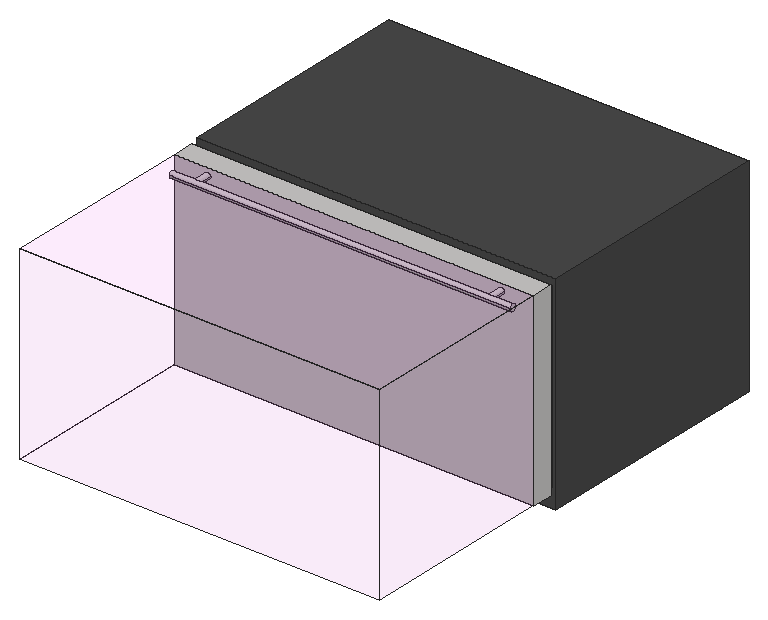
Revit family "Qf_Summit_SDR30_30_inches_Wide_Built_In_Drawer_Refrigerator", category Specialty Equipment, Revit 2020
Family settings
  Round Connector Dimension = Use Diameter
  Part Type = Normal
  Work Plane-Based = No
  Always vertical = Yes
  Cut with Voids When Loaded = No
  Shared = No
  Room Calculation Point = No
Parameters
  Weight in Pounds = 77
  Watts = if(Phase = 3, Volts * FL Amps * 1.73, Volts * FL Amps)  # 115 W
  Volts = 115 V
  URL Cutsheet = ""
  Specification by User = ""
  Specification by Manufacturer = ""
  Show Clearance [instance] = yes
  Serial Number = ""
  Seismic Rating = ""
  SMACNA No = ""
  Revision Code = ""
  Refrigerant Volume = 0.00 kip
  Refrigerant Type = "R600a"
  Phase = 1
  Number of Poles = 1
  NAFEM Spec ID Number = ""
  Model = "SDR30"
  Min Ckt Ampacity = 0 A
  Max Overcurrent Protection = 0 A
  Masterspec = ""
  Manufacturer = "Summit"
  Length = 29 1/2"
  Item Number = ""
  Installed By = ""
  Identify Quantity as Lot = yes
  Height = 17 3/4"
  HP = ""
  Furnished By = ""
  Foodservice Equipment Identifier = yes
  FL Amps = 1 A
  Electrical Remarks = ""
  Electric Connection Type = ""
  Elec Conn RI Height = 0"
  Elec Conn Connection Height = 0"
  Description = "30\" Wide Built-In Drawer Refrigerator"
  Depth = 22"
  Default Elevation = 0"
  Cycle = 60 Hz
  Conn Plug = ""
  Conn Conduit = yes
  CSI MasterFormat = ""
  Apparent Power = if(Phase = 3, Volts * FL Amps * 1.73, Volts * FL Amps)  # 115 VA
Reference planes (in)
  plane 1: z = 0
  plane 2 "LEFT": x = 0
  plane 3 "RIGHT": x = 29.5
  plane 4 "FRONT": y = -22.75
  plane 5 "TOP": z = 17.75
  plane 6 "Center Y": x = 14.75
  plane 7 "Center X": y = -11.75
  plane 8 "BACK": y = -0.75
  plane 9: y = -38.625
  plane 10: z = 2
  plane 11: x = 28.41605
  plane 12: z = 0.75
  plane 13: z = 11.5
  plane 14: y = -24.25
  plane 15: y = -21
  plane 16: y = -20.5
  plane 17: z = 17.125
  plane 18: z = 16.625
  plane 19: z = 17.5
Forms (in)
  Extrusion 1, solid, material "QF_Plastic - Black - Matte"
    sketch origin (22.25, -2.96287, 24.25) x (0, 1, 0) y (-1, 0, 0)
      loop
        line (2.21287, 22.25) -> (-17.53713, 22.25) -> (-17.53713, -7.25) -> (2.21287, -7.25) -> (2.21287, 22.25)
    from -23.5 to -6.5
  Extrusion 2, solid, material "QF_Plastic - Black - Matte"
    sketch origin (22.25, -2.96287, 24.25) x (0, 1, 0) y (-1, 0, 0)
      loop
        line (-17.53713, -6.90118) -> (-17.53713, 21.88303) -> (-18.03713, 21.88303) -> (-18.03713, -6.90118) -> (-17.53713, -6.90118)
    from -21.98495 to -7.125
  Extrusion 3, solid, material "QF_Metal_Stainless_Polished"
    sketch origin (23.88, 0, 0) x (0, 1, 0) y (0, 0, 1)
      loop
        circle (-24, 16.875) r 0.25
    from -23.13 to 4.87
  Extrusion 4, solid, material "QF_Metal_Stainless_Polished"
    sketch origin (0, -20.49491, 32) x (1, 0, 0) y (0, 0, 1)
      loop
        circle (2.6875, -15.125) r 0.23438
      loop
        circle (26.8125, -15.125) r 0.23438
    from 2.25509 to 3.50509
  Revolve 5, solid, material "QF_Plastic - Black - Matte"
    sketch origin (0, -18.49491, 32) x (1, 0, 0) y (0, 0, 1)
      loop
        line (2.0625, -31.25) -> (1.5625, -31.25) -> (1.5625, -32) -> (2.3125, -32) -> (2.3125, -31.5) -> (2.0625, -31.25)
      axis (1.5625, -32) -> (1.5625, -31.25)
    angle from 0 to 360
  Revolve 6, solid, material "QF_Plastic - Black - Matte"
    sketch origin (0, -2.49491, 32) x (1, 0, 0) y (0, 0, 1)
      loop
        line (2.0625, -31.25) -> (1.5625, -31.25) -> (1.5625, -32) -> (2.3125, -32) -> (2.3125, -31.5) -> (2.0625, -31.25)
      axis (1.5625, -32) -> (1.5625, -31.25)
    angle from 0 to 360
  Extrusion 7, solid
    sketch origin (5.00125, -0.75, 24.25) x (1, 0, 0) y (0, 0, -1)
      loop
        circle (17.28855, 22.75177) r 0.25
    from 0 to 0.21202
  Extrusion 8, solid, material "QF_Metal_Stainless_Polished"
    sketch origin (22.25, -2.96287, 23.40625) x (0, 1, 0) y (-1, 0, 0)
      loop
        line (-18.03713, 22.25) -> (-19.78713, 22.25) -> (-19.78713, -7.25) -> (-18.03713, -7.25) -> (-18.03713, 22.25)
    from -21.40625 to -5.90625
  Extrusion 9, solid, material "QF_Clearances_Door_Drawer"
    sketch origin (22.25, -2.96287, 24.25) x (0, 1, 0) y (-1, 0, 0)
      loop
        line (-19.78713, 22.25) -> (-35.66213, 22.25) -> (-35.66213, -7.25) -> (-19.78713, -7.25) -> (-19.78713, 22.25)
    from -22.25 to -6.75
  Revolve 10, solid, material "QF_Plastic - Black - Matte"
    sketch origin (29.5, -18.49491, 32) x (-1, 0, 0) y (0, 0, -1)
      loop
        line (2.0625, 31.25) -> (2.3125, 31.5) -> (2.3125, 32) -> (1.5625, 32) -> (1.5625, 31.25) -> (2.0625, 31.25)
      axis (1.5625, 32) -> (1.5625, 31.25)
    angle from 0 to 360
  Revolve 11, solid, material "QF_Plastic - Black - Matte"
    sketch origin (29.5, -2.49491, 32) x (-1, 0, 0) y (0, 0, -1)
      loop
        line (2.0625, 31.25) -> (2.3125, 31.5) -> (2.3125, 32) -> (1.5625, 32) -> (1.5625, 31.25) -> (2.0625, 31.25)
      axis (1.5625, 32) -> (1.5625, 31.25)
    angle from 0 to 360
Cuts and joins
  joined: Extrusion 3, Extrusion 4
Lines and regions (in)
  Split face 1
    outline origin (22.25, -2.96287, 17.5) x (0, 1, 0) y (-1, 0, 0)
      loop
        line (-18.47423, 11.75) -> (-19.34923, 11.75)
        arc (-19.34923, 11.75) -> (-19.43762, 11.71339) -> (-19.47423, 11.625) r 0.125
        line (-19.47423, 11.625) -> (-19.47423, 3.375)
        arc (-19.47423, 3.375) -> (-19.43762, 3.28661) -> (-19.34923, 3.25) r 0.125
        line (-19.34923, 3.25) -> (-18.47423, 3.25)
        arc (-18.47423, 3.25) -> (-18.38584, 3.28661) -> (-18.34923, 3.375) r 0.125
        line (-18.34923, 3.375) -> (-18.34923, 11.625)
        arc (-18.34923, 11.625) -> (-18.38584, 11.71339) -> (-18.47423, 11.75) r 0.125
  Split face 2
    outline origin (25.3125, -2.96287, 17.5) x (0, 1, 0) y (-1, 0, 0)
      loop
        circle (-18.94932, 14.0645) r 0.2373
  Split face 3
    outline origin (19.23665, -2.93162, 17.5) x (0, 1, 0) y (-1, 0, 0)
      loop
        line (-18.60246, 5.26032) -> (-19.32606, 5.26032) -> (-19.32606, 3.60831) -> (-18.60246, 3.60831) -> (-18.60246, 5.26032)
  symbolic lines
    curve 1: line (0, -0.75, 24.25) -> (0, -20.5, 24.25)
    curve 2: line (0, -20.5, 24.25) -> (29.5, -20.5, 24.25)
    curve 3: line (29.5, -20.5, 24.25) -> (29.5, -0.75, 24.25)
    curve 4: line (29.5, -0.75, 24.25) -> (0, -0.75, 24.25)
    curve 5: line (0.36697, -20.5, 24.25) -> (0.36697, -21, 24.25)
    curve 6: line (29.15118, -21, 24.25) -> (29.15118, -20.5, 24.25)
    curve 7: line (0, -21, 24.25) -> (0, -22.75, 24.25)
    curve 8: line (0, -22.75, 24.25) -> (29.5, -22.75, 24.25)
    curve 9: line (29.5, -22.75, 24.25) -> (29.5, -21, 24.25)
    curve 10: line (29.5, -21, 24.25) -> (0, -21, 24.25)
    curve 11: line (10.5, -21.4371, 24.25) -> (10.5, -22.3121, 24.25)
    curve 12: arc (10.5, -22.3121, 24.25) -> (10.53661, -22.40049, 24.25) -> (10.625, -22.4371, 24.25) r 0.125
    curve 13: line (10.625, -22.4371, 24.25) -> (18.875, -22.4371, 24.25)
    curve 14: arc (18.875, -22.4371, 24.25) -> (18.96339, -22.40049, 24.25) -> (19, -22.3121, 24.25) r 0.125
    curve 15: line (19, -22.3121, 24.25) -> (19, -21.4371, 24.25)
    curve 16: arc (19, -21.4371, 24.25) -> (18.96339, -21.34871, 24.25) -> (18.875, -21.3121, 24.25) r 0.125
    curve 17: line (18.875, -21.3121, 24.25) -> (10.625, -21.3121, 24.25)
    curve 18: arc (10.625, -21.3121, 24.25) -> (10.53661, -21.34871, 24.25) -> (10.5, -21.4371, 24.25) r 0.125
    curve 19: arc (11.248, -22.14949, 24.25) -> (11.0107, -21.91219, 24.25) -> (11.248, -21.67488, 24.25) r 0.2373
    curve 20: arc (11.248, -21.67488, 24.25) -> (11.48531, -21.91219, 24.25) -> (11.248, -22.14949, 24.25) r 0.2373
    curve 21: line (13.97634, -22.25768, 24.25) -> (13.97634, -21.53408, 24.25)
    curve 22: line (13.97634, -21.53408, 24.25) -> (15.62834, -21.53408, 24.25)
    curve 23: line (15.62834, -21.53408, 24.25) -> (15.62834, -22.25768, 24.25)
    curve 24: line (15.62834, -22.25768, 24.25) -> (13.97634, -22.25768, 24.25)
    curve 28: line (0.75, -23.75, 24.25) -> (28.75, -23.75, 24.25)
    curve 29: line (0.75, -24.25, 24.25) -> (0.75, -23.75, 24.25)
    curve 30: line (28.75, -24.25, 24.25) -> (0.75, -24.25, 24.25)
    curve 31: line (28.75, -23.75, 24.25) -> (28.75, -24.25, 24.25)
    curve 32: line (27.03317, -22.75, 24.25) -> (26.58988, -22.75, 24.25)
    curve 33: line (27.03317, -23.75, 24.25) -> (27.03317, -22.75, 24.25)
    curve 34: line (26.58988, -23.75, 24.25) -> (27.03317, -23.75, 24.25)
    curve 35: line (26.58988, -22.75, 24.25) -> (26.58988, -23.75, 24.25)
    curve 36: line (2.90176, -22.75, 24.25) -> (2.46627, -22.75, 24.25)
    curve 37: line (2.90176, -23.75, 24.25) -> (2.90176, -22.75, 24.25)
    curve 38: line (2.46627, -23.75, 24.25) -> (2.90176, -23.75, 24.25)
    curve 39: line (2.46627, -22.75, 24.25) -> (2.46627, -23.75, 24.25)
  symbolic lines, style "QF_Clearances_Door_Drawer"
    curve 25: line (0, -22.75, 24.25) -> (0, -38.625, 24.25)
    curve 26: line (0, -38.625, 24.25) -> (29.5, -38.625, 24.25)
    curve 27: line (29.5, -38.625, 24.25) -> (29.5, -22.75, 24.25)
Dimensions and locks (in)
  equal spacing: plane 2 "LEFT", plane 6 "Center Y", plane 3 "RIGHT"
  "Length": plane 2 "LEFT" to plane 3 "RIGHT"
  equal spacing: plane 4 "FRONT", plane 7 "Center X", plane 8 "BACK"
  "Height": plane 5 "TOP" to level
  plane 3 "RIGHT" to plane 2 "LEFT" = 29 1/2"
  plane 5 "TOP" to level = 17 3/4"  (x2)
  "Depth": plane 4 "FRONT" to plane 8 "BACK"
  plane 8 "BACK" to plane 9 = 37 7/8"
  plane 10 to level = 2"
  locked: plane 11 to plane 3 "RIGHT" at 1.08395
  plane 4 "FRONT" to plane 8 "BACK" = 22"
  plane 15 to plane 4 "FRONT" = 1 3/4"
  plane 8 "BACK" to plane 16 = 19 3/4"
  plane 4 "FRONT" to plane 14 = 1 1/2"
  plane 19 to plane 10 = 15 1/2"
  aligned and locked: level to plane 1
  aligned and locked: Extrusion 9 to plane 3 "RIGHT"
  aligned and locked: Extrusion 8 to plane 3 "RIGHT"
  aligned and locked: Extrusion 1 to plane 3 "RIGHT"
Automatic sketch dimensions
  Extrusion 1 sketch curve to plane 2 "LEFT" = 0"
  Extrusion 1 sketch curve to plane 16 = 0"
  plane 8 "BACK" to Extrusion 1 sketch curve = 0"
  Extrusion 1 sketch curve to plane 3 "RIGHT" = 0"
  plane 15 to Extrusion 2 sketch curve = 0"
  plane 16 to Extrusion 2 sketch curve = 0"
  plane 3 "RIGHT" to Extrusion 2 sketch curve = 0.34882"
  plane 2 "LEFT" to Extrusion 2 sketch curve = 0.36697"
  plane 14 to Extrusion 3 sketch curve = 1/4"
  Extrusion 3 sketch curve to plane 17 = 1/4"
  Extrusion 4 sketch curve to plane 17 = 1/4"  (x2)
  plane 2 "LEFT" to Extrusion 4 sketch curve = 2 11/16"
  plane 11 to Extrusion 4 sketch curve = 1.60355"
  Revolve 5 sketch curve to plane 12 = 0"  (x2)
  Revolve 5 sketch curve to level = 0"
  plane 2 "LEFT" to Revolve 5 sketch curve = 1 9/16"
  Revolve 5 sketch curve to Revolve 5 sketch curve = 1/2"
  Revolve 5 sketch curve to Revolve 5 sketch curve = 3/4"
  plane 12 to Revolve 5 sketch curve = 1/4"
  Revolve 5 sketch curve to Revolve 5 sketch curve = 0"
  Revolve 5 sketch curve to plane 12 = 1/4"
  Revolve 6 sketch curve to plane 12 = 0"  (x2)
  Revolve 6 sketch curve to level = 0"
  plane 2 "LEFT" to Revolve 6 sketch curve = 1 9/16"
  Revolve 6 sketch curve to Revolve 6 sketch curve = 1/2"
  Revolve 6 sketch curve to Revolve 6 sketch curve = 3/4"
  plane 12 to Revolve 6 sketch curve = 1/4"
  Revolve 6 sketch curve to Revolve 6 sketch curve = 0"
  Revolve 6 sketch curve to plane 12 = 1/4"
  Extrusion 8 sketch curve to plane 2 "LEFT" = 0"
  plane 4 "FRONT" to Extrusion 8 sketch curve = 0"
  Extrusion 8 sketch curve to plane 15 = 0"
  Extrusion 8 sketch curve to plane 3 "RIGHT" = 0"
  Split face 1 sketch curve to Extrusion 8 = 0.3129"
  Split face 1 sketch curve to Split face 1 sketch curve = 1/8"  (x3)
  Split face 1 sketch curve to Extrusion 8 = 0.4371"  (x2)
  Split face 1 sketch curve to Extrusion 8 = 10 1/2"
  Split face 1 sketch curve to Split face 1 sketch curve = 8 1/4"
  Split face 2 sketch curve to Extrusion 8 = 0.83781"
  Split face 2 sketch curve to Extrusion 8 = 11.248"
  Split face 3 sketch curve to Extrusion 8 = 0.49232"
  Split face 3 sketch curve to Extrusion 8 = 0.53408"
  Split face 3 sketch curve to Extrusion 8 = 13.87166"
  Split face 3 sketch curve to Split face 3 sketch curve = 1.652"
  Extrusion 9 sketch curve to plane 2 "LEFT" = 0"
  Extrusion 9 sketch curve to plane 9 = 0"
  plane 4 "FRONT" to Extrusion 9 sketch curve = 0"
  Extrusion 9 sketch curve to plane 3 "RIGHT" = 0"
  Revolve 10 sketch curve to plane 12 = 0"  (x2)
  Revolve 10 sketch curve to level = 0"
  plane 11 to Revolve 10 sketch curve = 0.47855"
  Revolve 10 sketch curve to Revolve 10 sketch curve = 1/2"
  Revolve 10 sketch curve to Revolve 10 sketch curve = 3/4"
  plane 12 to Revolve 10 sketch curve = 1/4"
  Revolve 10 sketch curve to Revolve 10 sketch curve = 0"
  Revolve 10 sketch curve to plane 12 = 1/4"
  Revolve 11 sketch curve to plane 12 = 0"  (x2)
  Revolve 11 sketch curve to level = 0"
  plane 11 to Revolve 11 sketch curve = 0.47855"
  Revolve 11 sketch curve to Revolve 11 sketch curve = 1/2"
  Revolve 11 sketch curve to Revolve 11 sketch curve = 3/4"
  plane 12 to Revolve 11 sketch curve = 1/4"
  Revolve 11 sketch curve to Revolve 11 sketch curve = 0"
  Revolve 11 sketch curve to plane 12 = 1/4"
  curve 19 to curve 20 = 0"  (x2)
  curve 26 to plane 2 "LEFT" = 0"
  curve 26 to plane 9 = 0"
  curve 29 to plane 14 = 0"
  plane 4 "FRONT" to curve 32 = 0"
  plane 4 "FRONT" to curve 39 = 0"
  plane 4 "FRONT" to curve 25 = 0"
  curve 10 to plane 15 = 0"
  plane 16 to curve 6 = 0"
  curve 4 to plane 3 "RIGHT" = 0"
  plane 8 "BACK" to curve 4 = 0"
  curve 27 to plane 3 "RIGHT" = 0"
  curve 4 to plane 2 "LEFT" = 0"
  plane 14 to curve 35 = 1/2"
  curve 30 to curve 28 = 1/2"
  plane 14 to curve 37 = 1/2"
  curve 13 to plane 4 "FRONT" = 0.3129"
  curve 14 to curve 15 = 1/8"
  curve 13 to curve 11 = 1/8"
  curve 23 to plane 4 "FRONT" = 0.49232"
  curve 12 to curve 20 = 0.39991"
  curve 22 to plane 15 = 0.53408"
  curve 15 to plane 15 = 0.4371"
  curve 18 to plane 15 = 0.4371"
  curve 16 to curve 17 = 1/8"
  curve 28 to plane 11 = 0.33395"
  plane 11 to curve 32 = 1.38288"
  curve 32 to curve 32 = 0.44329"
  plane 6 "Center Y" to curve 15 = 4 1/4"
  plane 6 "Center Y" to curve 24 = 0.87834"
  curve 24 to plane 6 "Center Y" = 0.77366"
  curve 21 to curve 20 = 2.72833"
  curve 19 to curve 18 = 0.623"
  plane 2 "LEFT" to curve 36 = 2.90176"
  curve 36 to curve 36 = 0.4355"
  plane 2 "LEFT" to curve 29 = 3/4"
  curve 20 to curve 19 = 0.2373"
  plane 3 "RIGHT" to curve 6 = 0.34882"
  plane 2 "LEFT" to curve 5 = 0.36697"
  radius of Extrusion 3 sketch curve = 1/4"
  radius of Extrusion 4 sketch curve = 15/64"  (x2)
  radius of Split face 2 sketch curve = 0.2373"
Connectors (in)
  electrical at (22.2898, -0.53798, 1.49823), driven by "Volts", driven by "Apparent Power"
    settings: on Extrusion 7, index 2, voltage 115 V, apparent load 115 VA, apparent load phase1 0 VA, apparent load phase2 0 VA, apparent load phase3 0 VA, power factor 1, load classification "Other", number of poles 1, system type 30, power factor state 1, is connector primary yes, connector utility no, sub classification motor no, connector description ""
